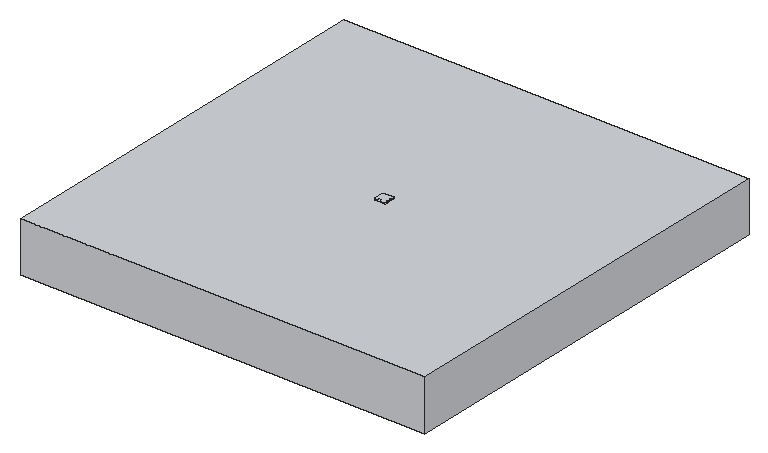
Revit family "Gira_015600", category Allgemeines Modell, Revit 2017
Family settings
  Basisbauteil = Fläche
  Kann Basisbauteil für Bewehrung sein = Nein
  Bemaßung runder Anschluss = Durchmesser verwenden
  Teiletyp = Normal
  Beim Laden mit Abzugskörper schneiden = Nein
  Gemeinsam genutzt = Nein
  Raumberechnungspunkt = Nein
Parameters
  With mounting plate = no
  With memory function = no
  With lighting = no
  With label area = no
  With glass breaking detector connection = no
  With brightness sensor connection = no
  With N-busbar = no
  With LED indication = no
  With Astro program = no
  Wiring system = "Intermediate switch"
  Washing machine switch = no
  Default Elevation = 1219.2 mm
  URL = "https://www.gira.de/"
  Typname = "Rocker btn 2-way m-c Insert"
  Type of load = "Universal"
  Type of lighting = "Not included"
  Type of fastening = "Mounting with claw and screw"
  Transparent = no
  Through loss at 860 MHz [B] = 0.1
  Through loss at 2150 MHz [B] = 0.1
  Temperature [Kelvin] = "[5:45]"
  Switch-off protection = no
  Surface protection = "Other"
  Surface finishing = "Not applicable"
  Suitable for wire wound low voltage transformer = yes
  Suitable for wind sensor = no
  Suitable for staircase time switch = no
  Suitable for rain sensor = no
  Suitable for fluorescent tube/energy-saving lamp = yes
  Suitable for electronic low voltage transformer = yes
  Suitable for degree of protection (IP) = "IP20"
  Suitable for 230 V incandescent lamp/halogen lamp = yes
  Substation input = yes
  Shielded housing = no
  Shielded buses = yes
  Serial dimmer = no
  Separate strain relief = yes
  Rated current = 10 A
  Random generator = no
  Push button switch = no
  Productwebsite = "http://katalog.gira.de/en/datenblatt.html?artikelnr=015600"
  Output voltage [Volt] = 5
  Other bus systems = "None"
  Operating voltage [Volt] = "[110:240]"
  Only suitable as substation = no
  Number of rockers = 1
  Number of outputs = 2
  Number of modules (module system) = 1
  Nominal voltage [Volt] 3 = "[230:230]"
  Nominal voltage [Volt] 2 = "[230:230]"
  Nominal voltage [Volt] = 250
  Mounting method shielding connection = "Screw"
  Mounting method = "Flush mounted (plaster)"
  Model = "Single push button"
  Min. depth of built-in installation box [m] = 0.024
  Method of operation = "Rocker"
  Mechanical coding = no
  Max. switching power [Voltampere] = 1000
  Max. output current = 1.4 A
  Material quality = "Other"
  Material = "Other"
  Light value memory = no
  Label space/information surface 7 = "No"
  Label space/information surface 6 = "No"
  Label space/information surface 5 = "No"
  Label space/information surface 4 = "No"
  Label space/information surface = no
  Integrated timer = no
  Input for substation = no
  Imprint = "None"
  Illumination = "Yes"
  Hersteller = "Gira"
  Halogen free = no
  HAN = "015600"
  GTIN = "4010337156000"
  Function lighting = "Illuminated (on)"
  Frequency [Hz] = "[50:60]"
  Forced switch off = no
  Feedback-signal contact = no
  Dimming phase cut-on = yes
  Dimming phase cut-off = yes
  Degree of protection (IP) = "IP20"
  Data sheet = "https://katalog.gira.de/en/download.html?artikelnr=015600"
  Contacts = "1 change-over contact"
  Connection type = "Plug clamp"
  Colour = "Other"
  Category = "Other"
  Bus system radio frequent = no
  Bus system Powernet = no
  Bus system LON = no
  Bus system KNX radio = no
  Bus system KNX = yes
  Bus connection included = yes
  Beschreibung = "Rock.btn 2-w m-c Ins.,Rocker button insert 10 AX 250 V~,,2-way momentary-contact, 1-pole,Notes :,- Can also be connected with illumination."
  BIM = "https://media.stage.bim.site/public/gira/290f3eb/Einsatz_1fach.rfa"
  Assembly arrangement = "Basic element"
  Applicable with transmission button = no
  Applicable with time switch/timer = no
  Applicable with presence indicator = yes
  Applicable with movement sensor = yes
  Applicable with infrared button = no
  Applicable with button = yes
  App control via Bluetooth = no
Reference planes
  plane 1 "Center (Front/Back)": y = 0
  plane 2: z = 0
  plane 3 "Center (Left/Right)": x = 0
Forms (mm)
  Extrusion 1, solid
    sketch origin (0, 0, 0) x (1, 0, 0) y (0, 1, 0)
      loop
        line (-1219.2, 1219.2) -> (-1219.2, -1219.2) -> (1219.2, -1219.2) -> (1219.2, 1219.2) -> (-1219.2, 1219.2)
    from 0 to -304.8
  Extrusion 2, solid, detail levels fine
    sketch origin (0, 0, 0) x (1, 0, 0) y (0, 1, 0)
      loop
        line (27.475, 35.475) -> (-27.475, 35.475)
        arc (-27.475, 35.475) -> (-33.132, 33.132) -> (-35.475, 27.475) r 8
        line (-35.475, 27.475) -> (-35.475, -27.475)
        arc (-35.475, -27.475) -> (-33.132, -33.132) -> (-27.475, -35.475) r 8
        line (-27.475, -35.475) -> (27.475, -35.475)
        arc (27.475, -35.475) -> (33.132, -33.132) -> (35.475, -27.475) r 8
        line (35.475, -27.475) -> (35.475, 27.475)
        arc (35.475, 27.475) -> (33.132, 33.132) -> (27.475, 35.475) r 8
    from 0 to 1.8
  Extrusion 3, solid, detail levels fine
    sketch origin (0, 0, 0) x (1, 0, 0) y (0, 1, 0)
      loop
        line (9.678, 25.4) -> (-9.678, 25.4)
        arc (-9.678, 25.4) -> (-12.885, 24.922) -> (-15.814, 23.53) r 11
        arc (-15.814, 23.53) -> (-17.795, 22.07) -> (-19.641, 20.444) r 28.35
        arc (-19.641, 20.444) -> (-21.339, 18.665) -> (-22.876, 16.745) r 28.35
        arc (-22.876, 16.745) -> (-24.456, 13.666) -> (-25, 10.248) r 11
        line (-25, 10.248) -> (-25, -10.248)
        arc (-25, -10.248) -> (-24.456, -13.666) -> (-22.876, -16.745) r 11
        arc (-22.876, -16.745) -> (-20.409, -19.677) -> (-17.569, -22.25) r 28.35
        line (-17.569, -22.25) -> (17.569, -22.25)
        arc (17.569, -22.25) -> (20.409, -19.677) -> (22.876, -16.745) r 28.35
        arc (22.876, -16.745) -> (24.456, -13.666) -> (25, -10.248) r 11
        line (25, -10.248) -> (25, 10.248)
        arc (25, 10.248) -> (24.456, 13.666) -> (22.876, 16.745) r 11
        arc (22.876, 16.745) -> (21.593, 18.37) -> (20.195, 19.897) r 28.35
        arc (20.195, 19.897) -> (18.096, 21.823) -> (15.814, 23.53) r 28.35
        arc (15.814, 23.53) -> (12.885, 24.922) -> (9.678, 25.4) r 11
    from 0 to -22
  Extrusion 4, solid, detail levels medium
    sketch origin (0, 0, 0) x (1, 0, 0) y (0, 1, 0)
      loop
        line (-25, 25.4) -> (-25, -22.25) -> (25, -22.25) -> (25, 25.4) -> (-25, 25.4)
    from 0 to -22
  Extrusion 5, solid, detail levels coarse
    sketch origin (0, 0, 0) x (1, 0, 0) y (0, 1, 0)
      loop
        line (35.475, 35.475) -> (-35.475, 35.475) -> (-35.475, -35.475) -> (35.475, -35.475) -> (35.475, 35.475)
    from -22 to 1.8
  Extrusion 6, solid, detail levels medium
    sketch origin (0, 0, 0) x (1, 0, 0) y (0, 1, 0)
      loop
        line (35.475, 35.475) -> (-35.475, 35.475) -> (-35.475, -35.475) -> (35.475, -35.475) -> (35.475, 35.475)
    from 0 to 1.8
Dimensions and locks
  aligned and locked: plane 2 to Extrusion 1
  aligned and locked: level to Extrusion 1
Connectors
  electrical at (0, 0, -22)
    settings: on Extrusion 5, index 1, voltage 220 V, apparent load 0 VA, apparent load phase1 0 VA, apparent load phase2 0 VA, apparent load phase3 0 VA, power factor 1, load classification "Other", number of poles 1, system type 30, power factor state 1, is connector primary yes, connector utility no, sub classification motor no, connector description ""
